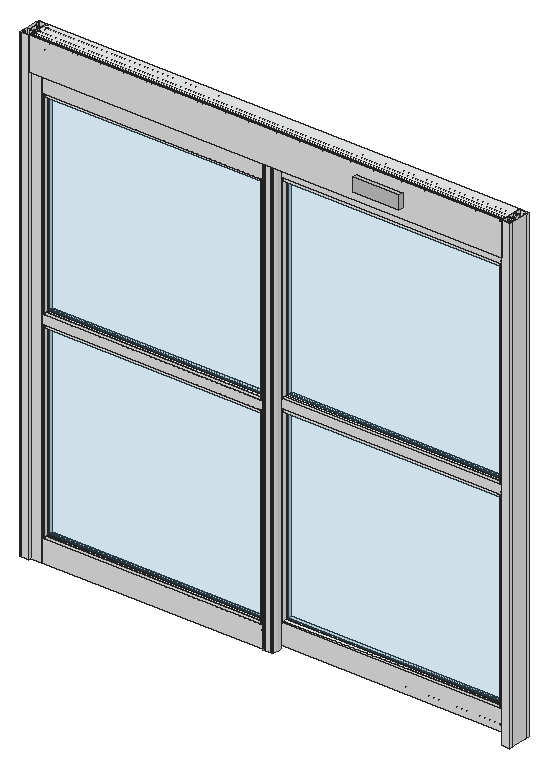
Revit family "2-5-1_Sliding-Door_TX9200SL_Single-RH-Outside-Slide-SX-O_Tormax", category Doors, host Wall, Revit 2026 (continued)
Definition of nested family "Door-Sliding-Tormax-Panel-SX"
  Forms (in)
    Sweep 7, solid, material <- "Frame Material"
      profile origin (0, 0, 63.01563) x (-1, 0, 0) y (0, -1, 0)
        loop
          line (18.65625, -0.87481) -> (18.65625, -0.70698) -> (18.72056, -0.70698) -> (18.72056, -0.65698) -> (18.60608, -0.65698) -> (18.60608, -0.8251) -> (18.20611, -0.8251) -> (18.20611, -0.4032) -> (18.46359, -0.4032) -> (18.46359, -0.25955) -> (18.68146, -0.25955) -> (18.68146, -0.1901) -> (18.81225, -0.1901) -> (18.81225, -0.13997) -> (18.66845, -0.13997) -> (18.66845, 0.13997) -> (18.81225, 0.13997) -> (18.81225, 0.1901) -> (18.66845, 0.1901) -> (18.66845, 0.23732)
          arc (18.66845, 0.23732) -> (18.64136, 0.30274) -> (18.57594, 0.32983) r 0.09251
          line (18.57594, 0.32983) -> (18.57594, 0.49166) -> (18.69998, 0.6157) -> (18.80597, 0.6157) -> (18.80597, 0.76483) -> (18.75597, 0.76483) -> (18.75597, 0.66561) -> (18.65625, 0.66561) -> (18.65625, 0.87481) -> (18.15645, 0.87481) -> (18.15645, 0.20955) -> (18.12159, 0.20955) -> (18.06046, 0.09459) -> (18.08245, 0.07259) -> (18.15436, 0.12483) -> (18.36418, 0.12483) -> (18.36418, 0.20955) -> (18.5318, 0.20955) -> (18.5318, 0.13997) -> (18.61845, 0.13997) -> (18.61845, -0.13997) -> (18.5318, -0.13997) -> (18.5318, -0.20955) -> (18.36418, -0.20955) -> (18.36418, -0.12483) -> (18.15436, -0.12483) -> (18.08245, -0.07259) -> (18.06046, -0.09459) -> (18.12159, -0.20955) -> (18.15645, -0.20955) -> (18.15645, -0.87481) -> (18.65625, -0.87481)
        loop
          line (18.55619, 0.8251) -> (18.20611, 0.8251) -> (18.20611, 0.4032) -> (18.46359, 0.4032) -> (18.46359, 0.25099) -> (18.52594, 0.25099) -> (18.52594, 0.58206) -> (18.62235, 0.67847) -> (18.62235, 0.74143) -> (18.55619, 0.74143) -> (18.55619, 0.8251)
    Extrusion 8, solid, material <- "Glass"
      sketch origin (0, 0, 0) x (1, 0, 0) y (0, 1, 0)
        loop
          line (-18.36418, 0.12483) -> (-18.36418, -0.12517) -> (18.36418, -0.12517) -> (18.36418, 0.12483) -> (-18.36418, 0.12483)
      from 43.91707 to 82.11418
    Sweep 9, solid, material <- "Frame Material"
      path origin (0, 0, 0) x (1, 0, 0) y (0, 0, 1)
        loop
          line (-20.78125, 85.5) -> (20.78125, 85.5)
      profile origin (0, 0, 85.5) x (0, 0, 1) y (0, -1, 0)
        loop
          line (-1.05567, 0.9185) -> (-1.34375, 0.9185) -> (-1.34375, -0.7995) -> (-0.71867, -0.7995) -> (-0.71867, 0.14602)
          arc (-0.71867, 0.14602) -> (-0.73017, 0.19158) -> (-0.7459, 0.23586) r 0.5
          arc (-0.7459, 0.23586) -> (-0.77367, 0.2545) -> (-0.80143, 0.23586) r 0.03
          arc (-0.80143, 0.23586) -> (-0.82927, 0.143) -> (-0.83867, 0.04652) r 0.5
          line (-0.83867, 0.04652) -> (-0.83867, -0.19357)
          arc (-0.83867, -0.19357) -> (-0.9137, -0.2685) -> (-0.98867, -0.1935) r 0.075
          line (-0.98867, -0.1935) -> (-0.98867, 0.34217)
          arc (-0.98867, 0.34217) -> (-1.0072, 0.47704) -> (-1.06143, 0.60192) r 0.5
          line (-1.06143, 0.60192) -> (-1.18067, 0.55479) -> (-1.18067, 0.7442) -> (-1.05567, 0.69479) -> (-1.05567, 0.9185)
  Lines and regions (in)
    symbolic lines
      curve 1: line (-20.78125, 0.91, 0) -> (-20.78125, 42.4725, 0)
      curve 2: arc (-20.78125, 42.4725, 0) -> (8.60788, 30.29913, 0) -> (20.78125, 0.91, 0) r 41.5625
      curve 3: line (-20.78125, 0, 42.75) -> (20.78125, 0, 84.15625)
      curve 4: line (-20.78125, 0, 42.75) -> (20.78125, 0, 0)
  Dimensions and locks (in)
    "Height": plane 4 to level
    equal spacing: plane 10, plane 3 "Center (Left/Right)", plane 11
    "Width": plane 10 to plane 11
    "Thickness": plane 9 to plane 8
    equal spacing: plane 9, plane 1 "Center (Front/Back)", plane 8
    locked: plane 10 to plane 12 at 2.125
    locked: plane 13 to plane 11 at 2.125
    locked: plane 5 to level at 42.75
    plane 14 to plane 5 to plane 15 = 7/8" locked, 7/8" locked
    plane 10 to Sweep 1 sketch curve to Sweep 1 sketch curve = 2 1/8" locked, 0" locked
    locked: plane 17 to plane 2 at 4.3125
    locked: Sweep 4 sketch curve to plane 13 at 0.4998  (x2)
    plane 12 to Sweep 4 sketch curve to Sweep 4 sketch curve = 0.4998" locked, 0" locked
    plane 7 to plane 1 "Center (Front/Back)" to plane 6 = 0.12517" locked, 0.12483" locked
    locked: Extrusion 5 sketch curve to plane 13 at 0.29207
    locked: plane 12 to Extrusion 5 sketch curve at 0.29207
    locked: Sweep 6 sketch curve to plane 13 at 0.4998
    locked: Sweep 6 sketch curve to plane 12 at 0.4998
    locked: Sweep 6 sketch curve to plane 2 at 4.8123  (x2)
    Sweep 6 sketch curve to Sweep 6 sketch curve to plane 15 = 0" locked, 0.4998" locked
    Sweep 6 sketch curve to Sweep 6 sketch curve to plane 14 = 0" locked, 0.4998" locked
    Sweep 6 sketch curve to Sweep 6 sketch curve to plane 16 = 0" locked, 0.4998" locked
    locked: plane 2 to Extrusion 5 at 4.60457
    locked: Extrusion 5 to plane 15 at 0.29207
    locked: Extrusion 8 to plane 14 at 0.29207
    locked: Extrusion 8 to plane 16 at 0.29207
    locked: plane 12 to Sweep 7 sketch curve at 0.4998  (x2)
    Sweep 7 sketch curve to Sweep 7 sketch curve to plane 13 = 0" locked, 0.4998" locked
    locked: plane 4 to Sweep 1 sketch curve at 1.34375
    locked: plane 4 to Sweep 3 sketch curve at 1.34375
    locked: plane 16 to plane 4 at 3.09375
    plane 4 to Sweep 9 sketch curve to Sweep 9 sketch curve = 0.71867" locked, 0.62508" locked
    plane 16 to Sweep 2 sketch curve to Sweep 2 sketch curve = 1.444" locked, 0.15" locked
    locked: plane 4 to curve 3 at 1.34375
    equal spacing: plane 13, plane 18 "Handle", plane 11
    locked: Sweep 1 sketch curve to plane 2 at 0.3125
    locked: Sweep 3 sketch curve to plane 2 at 0.3125
    "Width": radius of curve 2
    aligned and locked: plane 2 to level
    aligned and locked: Sweep 1 sketch curve to plane 10
    aligned and locked: Sweep 1 sketch curve to plane 9
    aligned and locked: Sweep 1 sketch curve to plane 8
    aligned and locked: plane 12 to Sweep 2 sketch curve
    aligned and locked: plane 13 to Sweep 2 sketch curve
    aligned and locked: Sweep 2 sketch curve to plane 2
    aligned and locked: plane 14 to Sweep 2 sketch curve
    aligned and locked: Sweep 2 sketch curve to plane 14
    aligned and locked: plane 11 to Sweep 3 sketch curve
    aligned and locked: plane 13 to Sweep 3 sketch curve
    aligned and locked: plane 3 "Center (Left/Right)" to Sweep 4 sketch curve
    aligned and locked: plane 15 to Sweep 4 sketch curve
    aligned and locked: plane 17 to Sweep 4 sketch curve
    aligned and locked: Sweep 4 sketch curve to plane 13
    aligned and locked: plane 13 to Sweep 4 sketch curve
    aligned and locked: plane 12 to Sweep 4 sketch curve
    aligned and locked: Sweep 4 sketch curve to plane 12
    aligned and locked: plane 6 to Extrusion 5 sketch curve
    aligned and locked: plane 7 to Extrusion 5 sketch curve
    aligned and locked: Sweep 6 sketch curve to plane 5
    aligned and locked: plane 17 to Sweep 6 sketch curve
    aligned and locked: Sweep 6 sketch curve to plane 17
    aligned and locked: plane 15 to Sweep 6 sketch curve
    aligned and locked: Sweep 6 sketch curve to plane 15
    aligned and locked: Sweep 6 sketch curve to plane 14
    aligned and locked: plane 14 to Sweep 6 sketch curve
    aligned and locked: Sweep 6 sketch curve to plane 16
    aligned and locked: plane 16 to Sweep 6 sketch curve
    aligned and locked: plane 16 to Sweep 7 sketch curve
    aligned and locked: plane 14 to Sweep 7 sketch curve
    aligned and locked: plane 12 to Sweep 7 sketch curve
    aligned and locked: Sweep 7 sketch curve to plane 12
    aligned and locked: Sweep 7 sketch curve to plane 13
    aligned and locked: plane 13 to Sweep 7 sketch curve
    aligned and locked: plane 10 to Sweep 9 sketch curve
    aligned and locked: plane 11 to Sweep 9 sketch curve
    aligned and locked: Sweep 9 sketch curve to plane 4
    aligned and locked: Sweep 2 sketch curve to plane 16  (x2)
    aligned and locked: plane 9 to curve 2  (x2)
    aligned and locked: plane 10 to curve 2
    aligned and locked: plane 5 to curve 4
    aligned and locked: plane 10 to curve 3
    aligned and locked: curve 4 to plane 11
    aligned and locked: plane 2 to curve 4
    aligned and locked: plane 11 to curve 3
  Automatic sketch dimensions
    Sweep 4 sketch curve to Sweep 4 sketch curve = 0.0122"
    Sweep 4 sketch curve to plane 1 "Center (Front/Back)" = 0.13997"
    Sweep 4 sketch curve to Sweep 4 sketch curve = 0"  (x5)
    Sweep 4 sketch curve to Sweep 4 sketch curve = 0.01301"  (x2)
    plane 1 "Center (Front/Back)" to Sweep 4 sketch curve = 0.6157"
    Sweep 4 sketch curve to Sweep 4 sketch curve = 0.04373"  (x2)
    Sweep 4 sketch curve to Sweep 4 sketch curve = 0.06431"  (x2)
    Sweep 4 sketch curve to Sweep 4 sketch curve = 0.05599"
    Sweep 4 sketch curve to Sweep 4 sketch curve = 0.05"  (x8)
    Sweep 4 sketch curve to Sweep 4 sketch curve = 0.13079"  (x2)
    Sweep 4 sketch curve to Sweep 4 sketch curve = 0.1438"  (x2)
    Sweep 4 sketch curve to Sweep 4 sketch curve = 0.0339"  (x2)
    Sweep 4 sketch curve to Sweep 4 sketch curve = 0.05017"  (x2)
    plane 1 "Center (Front/Back)" to Sweep 4 sketch curve = 0.49166"
    Sweep 4 sketch curve to Sweep 4 sketch curve = 0.12404"  (x2)
    Sweep 4 sketch curve to Sweep 4 sketch curve = 0.06616"  (x2)
    Sweep 4 sketch curve to Sweep 4 sketch curve = 0.08665"  (x3)
    Sweep 4 sketch curve to Sweep 4 sketch curve = 0.00586"  (x2)
    Sweep 4 sketch curve to Sweep 4 sketch curve = 0.0682"  (x2)
    Sweep 4 sketch curve to Sweep 4 sketch curve = 0.11234"
    Sweep 4 sketch curve to Sweep 4 sketch curve = 0.09942"  (x4)
    Sweep 4 sketch curve to Sweep 4 sketch curve = 0.04966"  (x4)
    Sweep 4 sketch curve to plane 1 "Center (Front/Back)" = 0.12483"
    Sweep 4 sketch curve to Sweep 4 sketch curve = 0.00209"  (x2)
    Sweep 4 sketch curve to Sweep 4 sketch curve = 0.03487"  (x4)
    plane 1 "Center (Front/Back)" to Sweep 4 sketch curve = 0.20955"  (x2)
    plane 1 "Center (Front/Back)" to Sweep 4 sketch curve = 0.07259"  (x2)
    Sweep 4 sketch curve to Sweep 4 sketch curve = 0.0719"  (x4)
    Sweep 4 sketch curve to plane 1 "Center (Front/Back)" = 0.07259"  (x2)
    Sweep 4 sketch curve to plane 1 "Center (Front/Back)" = 0.09459"  (x2)
    Sweep 4 sketch curve to Sweep 4 sketch curve = 0.02199"  (x4)
    plane 1 "Center (Front/Back)" to Sweep 4 sketch curve = 0.09459"  (x2)
    Sweep 4 sketch curve to Sweep 4 sketch curve = 0.06113"
    Sweep 4 sketch curve to plane 1 "Center (Front/Back)" = 0.20955"
    plane 1 "Center (Front/Back)" to Sweep 4 sketch curve = 0.12483"
    Sweep 4 sketch curve to Sweep 4 sketch curve = 0.06234"
    Sweep 4 sketch curve to Sweep 4 sketch curve = 0.03026"
    Sweep 4 sketch curve to Sweep 4 sketch curve = 0.14248"
    Sweep 4 sketch curve to Sweep 4 sketch curve = 0.09251"
    Sweep 4 sketch curve to Sweep 4 sketch curve = 0.13361"
    Sweep 4 sketch curve to plane 1 "Center (Front/Back)" = 0.25955"
    Sweep 4 sketch curve to Sweep 4 sketch curve = 0.11958"
    Sweep 4 sketch curve to Sweep 4 sketch curve = 0.14365"
    Sweep 4 sketch curve to Sweep 4 sketch curve = 0.19365"  (x3)
    Sweep 4 sketch curve to Sweep 4 sketch curve = 0.25378"  (x2)
    Sweep 4 sketch curve to Sweep 4 sketch curve = 0.4219"  (x2)
    Sweep 4 sketch curve to Sweep 4 sketch curve = 0.04971"  (x4)
    Sweep 4 sketch curve to Sweep 4 sketch curve = 0.08472"  (x5)
    Sweep 4 sketch curve to Sweep 4 sketch curve = 0.05012"  (x4)
    Sweep 4 sketch curve to Sweep 4 sketch curve = 0.06945"
    Sweep 4 sketch curve to Sweep 4 sketch curve = 0.06958"  (x2)
    plane 1 "Center (Front/Back)" to Sweep 4 sketch curve = 0.13997"  (x2)
    Sweep 4 sketch curve to Sweep 4 sketch curve = 0.04722"
    Sweep 4 sketch curve to Sweep 4 sketch curve = 0.02777"
    Sweep 4 sketch curve to Sweep 4 sketch curve = 0.04144"  (x2)
    Sweep 4 sketch curve to Sweep 4 sketch curve = 0.08847"
    Sweep 4 sketch curve to Sweep 4 sketch curve = 0.0904"  (x2)
    Sweep 4 sketch curve to Sweep 4 sketch curve = 0.04991"  (x2)
    Sweep 4 sketch curve to Sweep 4 sketch curve = 0.01286"  (x2)
    Sweep 4 sketch curve to Sweep 4 sketch curve = 0.06296"  (x2)
    Sweep 4 sketch curve to Sweep 4 sketch curve = 0.09922"  (x2)
    Sweep 4 sketch curve to Sweep 4 sketch curve = 0.08367"  (x2)
    plane 1 "Center (Front/Back)" to Sweep 6 sketch curve = 0.13997"  (x4)
    Sweep 6 sketch curve to Sweep 6 sketch curve = 0.512"
    Sweep 6 sketch curve to Sweep 6 sketch curve = 0"  (x10)
    Sweep 6 sketch curve to Sweep 6 sketch curve = 0.01301"  (x4)
    Sweep 6 sketch curve to plane 1 "Center (Front/Back)" = 0.6157"  (x2)
    Sweep 6 sketch curve to Sweep 6 sketch curve = 0.04373"  (x4)
    Sweep 6 sketch curve to Sweep 6 sketch curve = 0.06431"  (x4)
    Sweep 6 sketch curve to Sweep 6 sketch curve = 0.09972"
    Sweep 6 sketch curve to Sweep 6 sketch curve = 0.05"  (x19)
    Sweep 6 sketch curve to Sweep 6 sketch curve = 0.13079"  (x4)
    Sweep 6 sketch curve to Sweep 6 sketch curve = 0.1438"  (x4)
    Sweep 6 sketch curve to Sweep 6 sketch curve = 0.0339"  (x3)
    Sweep 6 sketch curve to Sweep 6 sketch curve = 0.05017"  (x4)
    Sweep 6 sketch curve to Sweep 6 sketch curve = 0.09251"
    Sweep 6 sketch curve to Sweep 6 sketch curve = 0.06616"  (x3)
    Sweep 6 sketch curve to Sweep 6 sketch curve = 0.08665"  (x4)
    Sweep 6 sketch curve to Sweep 6 sketch curve = 0.04414"  (x2)
    Sweep 6 sketch curve to plane 1 "Center (Front/Back)" = 0.58206"  (x2)
    Sweep 6 sketch curve to Sweep 6 sketch curve = 0.11234"  (x2)
    Sweep 6 sketch curve to Sweep 6 sketch curve = 0.0682"  (x4)
    Sweep 6 sketch curve to Sweep 6 sketch curve = 0.09942"  (x8)
    Sweep 6 sketch curve to Sweep 6 sketch curve = 0.04966"  (x8)
    plane 1 "Center (Front/Back)" to Sweep 6 sketch curve = 0.12483"  (x3)
    Sweep 6 sketch curve to Sweep 6 sketch curve = 0.00209"  (x6)
    Sweep 6 sketch curve to Sweep 6 sketch curve = 0.03487"  (x8)
    Sweep 6 sketch curve to plane 1 "Center (Front/Back)" = 0.20955"
    Sweep 6 sketch curve to plane 1 "Center (Front/Back)" = 0.07259"  (x4)
    Sweep 6 sketch curve to Sweep 6 sketch curve = 0.0719"  (x6)
    plane 1 "Center (Front/Back)" to Sweep 6 sketch curve = 0.07259"  (x4)
    Sweep 6 sketch curve to plane 1 "Center (Front/Back)" = 0.09459"  (x4)
    Sweep 6 sketch curve to Sweep 6 sketch curve = 0.02199"  (x8)
    plane 1 "Center (Front/Back)" to Sweep 6 sketch curve = 0.09459"  (x4)
    Sweep 6 sketch curve to Sweep 6 sketch curve = 0.09599"  (x2)
    Sweep 6 sketch curve to Sweep 6 sketch curve = 0.20772"  (x2)
    Sweep 6 sketch curve to Sweep 6 sketch curve = 0.13031"
    Sweep 6 sketch curve to Sweep 6 sketch curve = 0.00586"  (x3)
    Sweep 6 sketch curve to Sweep 6 sketch curve = 0.10006"  (x2)
    Sweep 6 sketch curve to Sweep 6 sketch curve = 0.05599"
    Sweep 6 sketch curve to Sweep 6 sketch curve = 0.156"
    Sweep 6 sketch curve to Sweep 6 sketch curve = 0.14972"
    Sweep 6 sketch curve to Sweep 6 sketch curve = 0.12404"
    plane 1 "Center (Front/Back)" to Sweep 6 sketch curve = 0.20955"  (x2)
    Sweep 6 sketch curve to Sweep 6 sketch curve = 0.06113"
    Sweep 6 sketch curve to Sweep 6 sketch curve = 0.06234"
    Sweep 6 sketch curve to Sweep 6 sketch curve = 0.03026"
    Sweep 6 sketch curve to plane 1 "Center (Front/Back)" = 0.49166"
    Sweep 6 sketch curve to Sweep 6 sketch curve = 0.14248"
    Sweep 6 sketch curve to Sweep 6 sketch curve = 0.13361"
    Sweep 6 sketch curve to Sweep 6 sketch curve = 0.04991"  (x4)
    Sweep 6 sketch curve to Sweep 6 sketch curve = 0.08355"
    Sweep 6 sketch curve to plane 1 "Center (Front/Back)" = 0.66561"
    Sweep 6 sketch curve to Sweep 6 sketch curve = 0.01286"  (x4)
    Sweep 6 sketch curve to Sweep 6 sketch curve = 0.06296"  (x4)
    Sweep 6 sketch curve to Sweep 6 sketch curve = 0.09922"  (x4)
    Sweep 6 sketch curve to Sweep 6 sketch curve = 0.08367"  (x4)
    Sweep 6 sketch curve to Sweep 6 sketch curve = 0.04971"  (x8)
    Sweep 6 sketch curve to Sweep 6 sketch curve = 0.09641"  (x2)
    Sweep 6 sketch curve to Sweep 6 sketch curve = 0.0904"  (x3)
    Sweep 6 sketch curve to Sweep 6 sketch curve = 79/256"  (x2)
    Sweep 6 sketch curve to Sweep 6 sketch curve = 0.19365"  (x3)
    Sweep 6 sketch curve to Sweep 6 sketch curve = 0.08847"
    Sweep 6 sketch curve to Sweep 6 sketch curve = 0.07336"  (x4)
    Sweep 6 sketch curve to Sweep 6 sketch curve = 0.01367"  (x4)
    Sweep 6 sketch curve to Sweep 6 sketch curve = 0.11496"  (x3)
    Sweep 6 sketch curve to Sweep 6 sketch curve = 0.04144"  (x4)
    Sweep 6 sketch curve to Sweep 6 sketch curve = 0.04722"  (x4)
    Sweep 6 sketch curve to Sweep 6 sketch curve = 0.05012"  (x8)
    Sweep 6 sketch curve to Sweep 6 sketch curve = 0.06958"  (x4)
    Sweep 6 sketch curve to Sweep 6 sketch curve = 0.08472"  (x9)
    Sweep 6 sketch curve to Sweep 6 sketch curve = 0.06945"
    Sweep 6 sketch curve to Sweep 6 sketch curve = 0.14365"  (x2)
    Sweep 6 sketch curve to Sweep 6 sketch curve = 0.25378"  (x4)
    Sweep 6 sketch curve to Sweep 6 sketch curve = 0.11812"  (x3)
    Sweep 6 sketch curve to Sweep 6 sketch curve = 0.4219"
    Sweep 7 sketch curve to plane 3 "Center (Left/Right)" = 0"
    plane 1 "Center (Front/Back)" to Sweep 7 sketch curve = 0.1901"
    Sweep 7 sketch curve to Sweep 7 sketch curve = 0"  (x6)
    Sweep 7 sketch curve to Sweep 7 sketch curve = 0.00628"
    Sweep 7 sketch curve to Sweep 7 sketch curve = 0.05"  (x8)
    Sweep 7 sketch curve to Sweep 7 sketch curve = 0.05599"
    Sweep 7 sketch curve to Sweep 7 sketch curve = 0.13079"  (x2)
    Sweep 7 sketch curve to Sweep 7 sketch curve = 0.1438"  (x2)
    Sweep 7 sketch curve to Sweep 7 sketch curve = 0.06431"  (x2)
    Sweep 7 sketch curve to Sweep 7 sketch curve = 0.04373"  (x2)
    Sweep 7 sketch curve to Sweep 7 sketch curve = 0.0339"  (x2)
    Sweep 7 sketch curve to Sweep 7 sketch curve = 0.05017"  (x2)
    plane 1 "Center (Front/Back)" to Sweep 7 sketch curve = 0.49166"
    Sweep 7 sketch curve to Sweep 7 sketch curve = 0.12404"  (x3)
    Sweep 7 sketch curve to Sweep 7 sketch curve = 0.06616"  (x2)
    Sweep 7 sketch curve to Sweep 7 sketch curve = 0.08665"  (x3)
    Sweep 7 sketch curve to Sweep 7 sketch curve = 0.00586"  (x2)
    Sweep 7 sketch curve to Sweep 7 sketch curve = 0.0682"  (x2)
    Sweep 7 sketch curve to Sweep 7 sketch curve = 0.11234"
    Sweep 7 sketch curve to Sweep 7 sketch curve = 0.09942"  (x4)
    Sweep 7 sketch curve to Sweep 7 sketch curve = 0.04966"  (x4)
    Sweep 7 sketch curve to plane 1 "Center (Front/Back)" = 0.12483"
    Sweep 7 sketch curve to Sweep 7 sketch curve = 0.00209"  (x2)
    Sweep 7 sketch curve to Sweep 7 sketch curve = 0.03487"  (x4)
    plane 1 "Center (Front/Back)" to Sweep 7 sketch curve = 0.20955"  (x2)
    plane 1 "Center (Front/Back)" to Sweep 7 sketch curve = 0.07259"  (x2)
    Sweep 7 sketch curve to Sweep 7 sketch curve = 0.0719"  (x4)
    Sweep 7 sketch curve to plane 1 "Center (Front/Back)" = 0.07259"  (x2)
    Sweep 7 sketch curve to plane 1 "Center (Front/Back)" = 0.09459"  (x2)
    Sweep 7 sketch curve to Sweep 7 sketch curve = 0.02199"  (x4)
    plane 1 "Center (Front/Back)" to Sweep 7 sketch curve = 0.09459"  (x2)
    Sweep 7 sketch curve to plane 1 "Center (Front/Back)" = 0.20955"
    Sweep 7 sketch curve to Sweep 7 sketch curve = 0.06113"
    plane 1 "Center (Front/Back)" to Sweep 7 sketch curve = 0.12483"
    Sweep 7 sketch curve to Sweep 7 sketch curve = 0.06234"
    Sweep 7 sketch curve to Sweep 7 sketch curve = 0.03026"
    Sweep 7 sketch curve to Sweep 7 sketch curve = 0.14248"
    Sweep 7 sketch curve to Sweep 7 sketch curve = 0.09251"
    Sweep 7 sketch curve to Sweep 7 sketch curve = 0.01301"
    Sweep 7 sketch curve to Sweep 7 sketch curve = 0.13361"
    Sweep 7 sketch curve to plane 1 "Center (Front/Back)" = 0.25955"  (x2)
    Sweep 7 sketch curve to Sweep 7 sketch curve = 0.14365"
    Sweep 7 sketch curve to Sweep 7 sketch curve = 0.19365"  (x3)
    Sweep 7 sketch curve to Sweep 7 sketch curve = 0.25378"  (x2)
    Sweep 7 sketch curve to Sweep 7 sketch curve = 0.4219"  (x2)
    Sweep 7 sketch curve to Sweep 7 sketch curve = 0.04971"  (x4)
    Sweep 7 sketch curve to Sweep 7 sketch curve = 0.08472"  (x5)
    Sweep 7 sketch curve to Sweep 7 sketch curve = 0.06945"  (x2)
    Sweep 7 sketch curve to Sweep 7 sketch curve = 0.05012"  (x4)
    Sweep 7 sketch curve to Sweep 7 sketch curve = 0.06958"  (x2)
    plane 1 "Center (Front/Back)" to Sweep 7 sketch curve = 0.13997"
    Sweep 7 sketch curve to Sweep 7 sketch curve = 0.04722"
    Sweep 7 sketch curve to Sweep 7 sketch curve = 0.02777"
    Sweep 7 sketch curve to Sweep 7 sketch curve = 0.04144"  (x2)
    Sweep 7 sketch curve to Sweep 7 sketch curve = 0.08847"
    Sweep 7 sketch curve to Sweep 7 sketch curve = 0.0904"  (x2)
    Sweep 7 sketch curve to Sweep 7 sketch curve = 0.04991"  (x2)
    Sweep 7 sketch curve to Sweep 7 sketch curve = 0.01286"  (x2)
    Sweep 7 sketch curve to Sweep 7 sketch curve = 0.06296"  (x2)
    Sweep 7 sketch curve to Sweep 7 sketch curve = 0.09922"  (x2)
    Sweep 7 sketch curve to Sweep 7 sketch curve = 0.08367"  (x2)
    Extrusion 8 sketch curve to plane 7 = 0"
    plane 6 to Extrusion 8 sketch curve = 0"
    plane 12 to Extrusion 8 sketch curve = 0.29207"
    plane 13 to Extrusion 8 sketch curve = 0.29207"
    Sweep 2 sketch curve to Sweep 2 sketch curve = 0.1095"  (x4)
    Sweep 2 sketch curve to Sweep 2 sketch curve = 0.0465"  (x3)
    Sweep 2 sketch curve to Sweep 2 sketch curve = 0.15"
    Sweep 2 sketch curve to Sweep 2 sketch curve = 0.213"  (x2)
    Sweep 2 sketch curve to Sweep 2 sketch curve = 0.25131"  (x2)
    Sweep 2 sketch curve to Sweep 2 sketch curve = 0.44928"  (x2)
    Sweep 2 sketch curve to Sweep 2 sketch curve = 0.24941"
    Sweep 2 sketch curve to Sweep 2 sketch curve = 1/8"  (x4)
    plane 1 "Center (Front/Back)" to Sweep 2 sketch curve = 0.77099"
    Sweep 2 sketch curve to plane 1 "Center (Front/Back)" = 0.70777"
    plane 1 "Center (Front/Back)" to Sweep 2 sketch curve = 0.70777"
    Sweep 2 sketch curve to plane 1 "Center (Front/Back)" = 0.8749"  (x2)
    Sweep 2 sketch curve to profile plane = 4 5/16"
    plane 1 "Center (Front/Back)" to Sweep 2 sketch curve = 0.70921"  (x2)
    Sweep 2 sketch curve to Sweep 2 sketch curve = 0"  (x2)
    Sweep 2 sketch curve to Sweep 2 sketch curve = 0.10643"  (x4)
    Sweep 2 sketch curve to plane 1 "Center (Front/Back)" = 0.77066"
    Sweep 2 sketch curve to Sweep 2 sketch curve = 0.04797"  (x2)
    Sweep 2 sketch curve to Sweep 2 sketch curve = 0.12615"  (x2)
    Sweep 2 sketch curve to Sweep 2 sketch curve = 0.24666"  (x2)
    Sweep 2 sketch curve to Sweep 2 sketch curve = 0.45154"  (x2)
    Sweep 2 sketch curve to Sweep 2 sketch curve = 0.25159"  (x2)
    Sweep 2 sketch curve to Sweep 2 sketch curve = 0.13262"  (x2)
    Sweep 2 sketch curve to Sweep 2 sketch curve = 0.25063"  (x3)
    Sweep 2 sketch curve to Sweep 2 sketch curve = 0.44876"  (x2)
    Sweep 2 sketch curve to Sweep 2 sketch curve = 0.37452"
    Sweep 2 sketch curve to Sweep 2 sketch curve = 0.46746"
    Sweep 2 sketch curve to Sweep 2 sketch curve = 0.12888"
    Sweep 2 sketch curve to Sweep 2 sketch curve = 0.28811"
    Sweep 2 sketch curve to Sweep 2 sketch curve = 0.03645"
    Sweep 2 sketch curve to Sweep 2 sketch curve = 0.4315"
    Sweep 2 sketch curve to Sweep 2 sketch curve = 0.18962"
    Sweep 2 sketch curve to Sweep 2 sketch curve = 0.12563"
    Sweep 2 sketch curve to Sweep 2 sketch curve = 0.11387"
    Sweep 2 sketch curve to Sweep 2 sketch curve = 0.198"  (x2)
    Sweep 2 sketch curve to Sweep 2 sketch curve = 0.25057"  (x2)
    Sweep 2 sketch curve to Sweep 2 sketch curve = 0.44958"
    Sweep 2 sketch curve to Sweep 2 sketch curve = 0.24964"  (x2)
    Sweep 2 sketch curve to Sweep 2 sketch curve = 0.21366"
    Sweep 2 sketch curve to Sweep 2 sketch curve = 0.04531"
    plane 1 "Center (Front/Back)" to Sweep 2 sketch curve = 0.77147"
    Sweep 2 sketch curve to Sweep 2 sketch curve = 0.04603"
    Sweep 2 sketch curve to Sweep 2 sketch curve = 0.10997"
    Sweep 2 sketch curve to plane 1 "Center (Front/Back)" = 0.70756"
    Sweep 2 sketch curve to Sweep 2 sketch curve = 0.11069"
    Sweep 2 sketch curve to plane 1 "Center (Front/Back)" = 7/8"
    Sweep 2 sketch curve to Sweep 2 sketch curve = 0.06391"
    Sweep 2 sketch curve to Sweep 2 sketch curve = 0.06322"  (x3)
    Sweep 2 sketch curve to Sweep 2 sketch curve = 0.10401"  (x2)
    Sweep 2 sketch curve to Sweep 2 sketch curve = 0.10425"  (x3)
    Sweep 2 sketch curve to Sweep 2 sketch curve = 0.1101"
    Sweep 2 sketch curve to Sweep 2 sketch curve = 0.01099"
    Sweep 2 sketch curve to Sweep 2 sketch curve = 0.01086"
    Sweep 2 sketch curve to Sweep 2 sketch curve = 0.0176"
    Sweep 2 sketch curve to Sweep 2 sketch curve = 0.00306"
    Sweep 2 sketch curve to Sweep 2 sketch curve = 0.015"
    Sweep 2 sketch curve to Sweep 2 sketch curve = 0.04199"  (x2)
    Sweep 2 sketch curve to Sweep 2 sketch curve = 0.031"  (x5)
    Sweep 2 sketch curve to Sweep 2 sketch curve = 0.03386"  (x3)
    Sweep 2 sketch curve to Sweep 2 sketch curve = 0.03119"  (x3)
    Sweep 2 sketch curve to Sweep 2 sketch curve = 0.06145"  (x3)
    Sweep 2 sketch curve to Sweep 2 sketch curve = 0.239"
    Sweep 2 sketch curve to Sweep 2 sketch curve = 0.21"  (x4)
    Sweep 2 sketch curve to Sweep 2 sketch curve = 0.1"
    Sweep 2 sketch curve to plane 1 "Center (Front/Back)" = 0.23479"
    plane 1 "Center (Front/Back)" to Sweep 2 sketch curve = 0.32559"
    Sweep 2 sketch curve to Sweep 2 sketch curve = 0.25268"
    plane 1 "Center (Front/Back)" to Sweep 2 sketch curve = 0.519"
    plane 1 "Center (Front/Back)" to Sweep 2 sketch curve = 0.5938"
    Sweep 2 sketch curve to Sweep 2 sketch curve = 0.18877"
    Sweep 2 sketch curve to Sweep 2 sketch curve = 0.06349"
    Sweep 2 sketch curve to Sweep 2 sketch curve = 0.07472"
    Sweep 2 sketch curve to Sweep 2 sketch curve = 0.12539"
    Sweep 2 sketch curve to Sweep 2 sketch curve = 0.00998"
    Sweep 2 sketch curve to Sweep 2 sketch curve = 0.10613"
    Sweep 2 sketch curve to Sweep 2 sketch curve = 0.05146"
    plane 1 "Center (Front/Back)" to Sweep 9 sketch curve = 0.34217"
    Sweep 9 sketch curve to Sweep 9 sketch curve = 0.28232"
    Sweep 9 sketch curve to Sweep 9 sketch curve = 0.11923"
    plane 1 "Center (Front/Back)" to Sweep 9 sketch curve = 0.55479"
    Sweep 9 sketch curve to Sweep 9 sketch curve = 1/8"
    Sweep 9 sketch curve to Sweep 9 sketch curve = 0.00577"
    Sweep 9 sketch curve to Sweep 9 sketch curve = 0.25975"
    Sweep 9 sketch curve to Sweep 9 sketch curve = 0.09287"
    Sweep 9 sketch curve to Sweep 9 sketch curve = 0.04941"
    Sweep 9 sketch curve to Sweep 9 sketch curve = 0.22371"
    Sweep 9 sketch curve to plane 1 "Center (Front/Back)" = 0.1935"
    Sweep 9 sketch curve to Sweep 9 sketch curve = 0.075"
    Sweep 9 sketch curve to Sweep 9 sketch curve = 0.00006"
    plane 1 "Center (Front/Back)" to Sweep 9 sketch curve = 0.04652"  (x2)
    Sweep 9 sketch curve to Sweep 9 sketch curve = 0"  (x2)
    Sweep 9 sketch curve to Sweep 9 sketch curve = 0.065"
    Sweep 9 sketch curve to Sweep 9 sketch curve = 0.17797"
    Sweep 9 sketch curve to Sweep 9 sketch curve = 0.02777"
    Sweep 9 sketch curve to Sweep 9 sketch curve = 0.12"
    Sweep 9 sketch curve to Sweep 9 sketch curve = 0.60594"
    plane 1 "Center (Front/Back)" to Sweep 9 sketch curve = 0.14602"
    Sweep 9 sketch curve to Sweep 9 sketch curve = 0.22"
    Sweep 3 sketch curve to Sweep 3 sketch curve = 0"  (x9)
    plane 1 "Center (Front/Back)" to Sweep 3 sketch curve = 0"
    Sweep 3 sketch curve to Sweep 3 sketch curve = 0.09725"
    Sweep 3 sketch curve to Sweep 3 sketch curve = 0.09783"  (x2)
    Sweep 3 sketch curve to Sweep 3 sketch curve = 0.05875"
    Sweep 3 sketch curve to Sweep 3 sketch curve = 1/8"
    Sweep 3 sketch curve to profile plane = 0.33606"
    Sweep 3 sketch curve to Sweep 3 sketch curve = 0.05805"
    Sweep 3 sketch curve to profile plane = 0.25342"
    Sweep 3 sketch curve to Sweep 3 sketch curve = 0.00312"
    Sweep 3 sketch curve to Sweep 3 sketch curve = 0.07719"  (x2)
    Sweep 3 sketch curve to Sweep 3 sketch curve = 0.06839"
    Sweep 3 sketch curve to Sweep 3 sketch curve = 0.01995"  (x2)
    Sweep 3 sketch curve to Sweep 3 sketch curve = 0.03503"  (x2)
    Sweep 3 sketch curve to Sweep 3 sketch curve = 0.05764"  (x2)
    Sweep 3 sketch curve to Sweep 3 sketch curve = 0.05533"
    Sweep 3 sketch curve to Sweep 3 sketch curve = 0.07528"  (x2)
    Sweep 3 sketch curve to Sweep 3 sketch curve = 0.07175"  (x2)
    Sweep 3 sketch curve to profile plane = 0.05562"  (x2)
    Sweep 3 sketch curve to plane 1 "Center (Front/Back)" = 0.18239"
    Sweep 3 sketch curve to Sweep 3 sketch curve = 0.19693"  (x2)
    Sweep 3 sketch curve to Sweep 3 sketch curve = 0.07617"  (x2)
    Sweep 3 sketch curve to Sweep 3 sketch curve = 0.01817"  (x2)
    Sweep 3 sketch curve to Sweep 3 sketch curve = 0.01512"
    Sweep 3 sketch curve to Sweep 3 sketch curve = 0.05648"
    Sweep 3 sketch curve to Sweep 3 sketch curve = 0.02003"  (x2)
    plane 1 "Center (Front/Back)" to Sweep 3 sketch curve = 0.18239"
    Sweep 3 sketch curve to Sweep 3 sketch curve = 0.05615"
    Sweep 3 sketch curve to Sweep 3 sketch curve = 0.07564"
    Sweep 3 sketch curve to Sweep 3 sketch curve = 0.14517"
    Sweep 3 sketch curve to Sweep 3 sketch curve = 0.05815"
    Sweep 3 sketch curve to Sweep 3 sketch curve = 0.10029"
    Sweep 3 sketch curve to profile plane = 0.10913"
    Sweep 3 sketch curve to profile plane = 0.10975"
    Sweep 3 sketch curve to Sweep 3 sketch curve = 0.07408"
    Sweep 1 sketch curve to Sweep 1 sketch curve = 0"  (x4)
    plane 1 "Center (Front/Back)" to Sweep 1 sketch curve = 0"
    Sweep 1 sketch curve to plane 1 "Center (Front/Back)" = 0.77559"
    Sweep 1 sketch curve to Sweep 1 sketch curve = 0.11639"  (x2)
    Sweep 1 sketch curve to Sweep 1 sketch curve = 0.03961"
    Sweep 1 sketch curve to Sweep 1 sketch curve = 1/8"
    profile plane to Sweep 1 sketch curve = 1/4"
    profile plane to Sweep 1 sketch curve = 0.22824"
    profile plane to Sweep 1 sketch curve = 0.14081"
    Sweep 1 sketch curve to Sweep 1 sketch curve = 0.11893"  (x2)
    Sweep 1 sketch curve to Sweep 1 sketch curve = 0.01059"
    Sweep 1 sketch curve to Sweep 1 sketch curve = 0.0672"  (x2)
    Sweep 1 sketch curve to Sweep 1 sketch curve = 0.20161"
    Sweep 1 sketch curve to Sweep 1 sketch curve = 0.05661"
    Sweep 1 sketch curve to Sweep 1 sketch curve = 0.02176"
    plane 1 "Center (Front/Back)" to Sweep 1 sketch curve = 0.18701"
    curve 1 to plane 9 = 0"
Types (3): name | Width | Rough Width | Door Width | Description
  7'-0" Package Width | 84" | 84 1/2" | 41 9/16" | "Single RH Outside Slide Application (SX-O), 7'-0\" Package Width"
  8'-0" Package Width | 96" | 96 1/2" | 47 9/16" | "Single RH Outside Slide Application (SX-O), 8'-0\" Package Width"
  9'-0" Package Width | 108" | 108 1/2" | 53 9/16" | "Single RH Outside Slide Application (SX-O), 9'-0\" Package Width"
